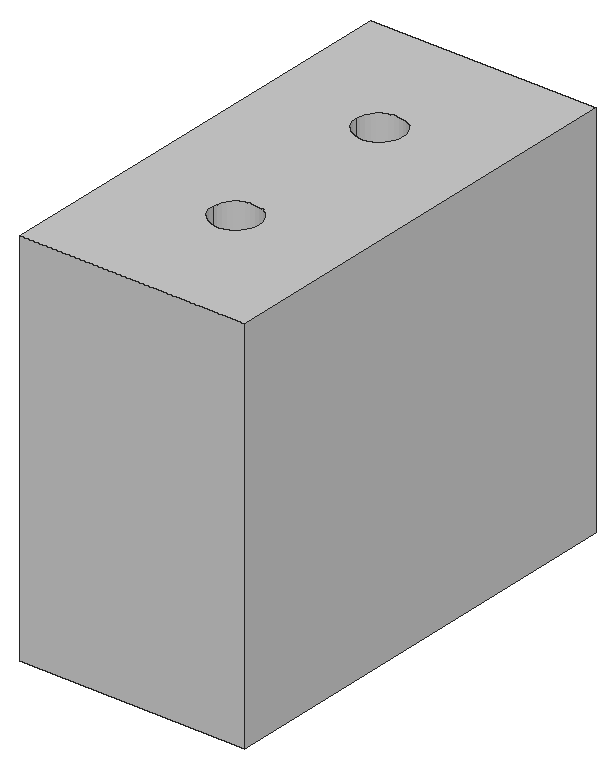
Revit family "Domotics-DomesticRanges-GEWISS-CHORUS_DATA-SOCKET-OUTLET_SELV", category Apparecchi elettrici, host Superficie, Revit 2016
Family settings
  Host = Superficie
  Mantenere orientamento annotazione = Sì
  Tipo di parte = Normale
  Quota connettore circolare = Usa diametro
  Taglio con vuoti quando caricato = Sì
  Condiviso = Sì
  Punto di calcolo locali = Sì
Parameters (values of type "GW14451 - SELV SOCKET, 2P 6A 24V 1M TITANIUM")
  Volt = 230 V
  Vista in pianta [instance] = yes
  Version file RFA = "19.0"
  URL = "https://www.gewiss.com/ww/en"
  Tipo_ = SYSTEM PRESE SELV_GENERICO : GW (SELV) titanio
  Technical sheet = "https://www.gewiss.com/ww/en/search?q=GW14451"
  Simbolo [instance] = yes
  Realized by GEWISS S.p.A. = ""
  Default Elevation = 1219.2 mm
  Produttore = "GEWISS S.p.A."
  Offset presa [instance] = 0 mm
  Offset bidimensionale [instance] = 39 mm
  N. poli = 1
  Modello = "GW14451"
  Immagine tipo = GW14451.jpg
  IFC.TypeObject = ""
  IFC.ExportType = ""
  IFC.ExportAs = ""
  IDT = "bdcf3c46-c2ea-42b8-8166-e16a90c5ee31"
  IDF = "be757793-dc2e-4f6a-adfb-14e6e41a9da5"
  Electrocod = "3720                "
  EAN code = "8011564267619"
  Distanza_x [instance] = 0 mm
  Distanza_effettiva_y [instance] = 100 mm
  Distanza_effettiva_x [instance] = 1000 mm - Distanza_x  # 1000 mm
  Distanza orizzontale del simbolo [instance] = 114.847 mm
  Distanza dal muro [instance] = 4.208 mm
  Descrizione = "SELV SOCKET, 2P 6A 24V 1M TITANIUM"
  Catalogue Range = "CHORUS - DOMESTIC RANGE"
  Catalogue = "DOMOTICS"
  Carico apparente = 0 VA
  COBie.Tagnumber = ""
  COBie.CreatedOn = ""
  COBie.CreatebBy = ""
  COBie.ComponentRegisterItemID = ""
  COBie.Component.TagNumber = ""
  COBie.Component.Space = ""
  COBie.Component.SerialNumber = ""
  COBie.Component.InstallationDate = ""
  COBie.Component.Description = ""
  COBie.Component.BarCode = ""
Types (3, lengths in mm): name | Tipo_ | Technical sheet | Modello | Immagine tipo | IDT | Electrocod | EAN code | Descrizione
  GW10451 - SELV SOCKET 2P 6A 24V 1M WHITE | SYSTEM PRESE SELV_GENERICO : GW (SELV) bianco | "https://www.gewiss.com/ww/en/search?q=GW10451" | "GW10451" | GW10451.jpg | "fc2af8a3-d637-4a8e-833d-f25c9a78a724" | "3720                " | "8011564262614" | "SELV SOCKET 2P 6A 24V 1M WHITE"
  GW12451 - SELV SOCKET 2P 6A 24V 1M BLACK | SYSTEM PRESE SELV_GENERICO : GW (SELV) nero | "https://www.gewiss.com/ww/en/search?q=GW12451" | "GW12451" | GW12451.jpg | "58aa0b22-3eed-41f0-b1bf-f24b80c10748" | "3721                " | "8011564269644" | "SELV SOCKET 2P 6A 24V 1M BLACK"
  GW14451 - SELV SOCKET, 2P 6A 24V 1M TITANIUM | SYSTEM PRESE SELV_GENERICO : GW (SELV) titanio | "https://www.gewiss.com/ww/en/search?q=GW14451" | "GW14451" | GW14451.jpg | "bdcf3c46-c2ea-42b8-8166-e16a90c5ee31" | "3720                " | "8011564267619" | "SELV SOCKET, 2P 6A 24V 1M TITANIUM"
Reference planes
  plane 1 "Centro (Fronte/Retro)": y = 0
  plane 2: z = 0
  plane 3 "Centro (Sinistra/Destra)": x = 0
  plane 4: x = -1000
  plane 5: x = 0
  plane 6: y = 100
  plane 7: z = 0
  plane 8 "Piano bidimensionale": z = 39
  plane 9: z = 39
Lines and regions (mm)
  Masking region 1, visible <- "Vista in pianta"
    outline origin (0, 0, 0) x (1, 0, 0) y (0, 1, 0)
      loop
        line (-11.5, 22.5) -> (-11.5, -22.5) -> (11.5, -22.5) -> (11.5, 22.5) -> (-11.5, 22.5)
      loop
        circle (0, -9.2) r 2.42
      loop
        circle (0, 9.2) r 2.42
  Masking region 2, visible <- "Vista in pianta"
    outline origin (0, 0, 0) x (1, 0, 0) y (0, 0, 1)
      loop
        line (11.5, 0) -> (11.5, 28) -> (-11.5, 28) -> (-11.5, 0) -> (11.5, 0)
  Masking region 3, visible <- "Vista in pianta"
    outline origin (0, 0, 0) x (0, 1, 0) y (0, 0, 1)
      loop
        line (22.5, 0) -> (22.5, 39) -> (-22.5, 39) -> (-22.5, 0) -> (22.5, 0)
  model lines, style "0", detail levels coarse
    curve 1: line (11.5, -22.5, 39) -> (11.5, 22.5, 39)
    curve 2: line (11.5, 22.5, 39) -> (-11.5, 22.5, 39)
    curve 3: line (-11.5, 22.5, 39) -> (-11.5, -22.5, 39)
    curve 4: line (-11.5, -22.5, 39) -> (11.5, -22.5, 39)
    curve 5: circle (0, 9.2, 39) r 2.42 normal (0, 0, 1)
    curve 6: circle (0, -9.2, 39) r 2.42 normal (0, 0, 1)
  model lines, style "0", not visible, detail levels coarse
    curve 7: line (73.442, 8.471, 39) -> (73.442, 53.471, 39)
    curve 8: line (73.442, 53.471, 39) -> (50.442, 53.471, 39)
    curve 9: line (50.442, 53.471, 39) -> (50.442, 8.471, 39)
    curve 10: line (50.442, 8.471, 39) -> (73.442, 8.471, 39)
    curve 11: circle (61.942, 40.171, 39) r 2.42 normal (0, 0, 1)
    curve 12: circle (61.942, 21.77, 39) r 2.42 normal (0, 0, 1)
Dimensions and locks
  plane 4 to plane 3 "Centro (Sinistra/Destra)" = 1000 mm
  "Distanza_effettiva_x": plane 4 to plane 5
  "Distanza_effettiva_y": plane 6 to plane 1 "Centro (Fronte/Retro)"
  "Offset presa": plane 7 to host face
  "Offset bidimensionale": plane 8 "Piano bidimensionale" to host face
  locked: plane 9 to plane 7 at 39
  aligned and locked: plane 2 to host face
  aligned and locked: level to host face
  aligned and locked: plane 3 "Centro (Sinistra/Destra)" to nested 1
  aligned and locked: plane 1 "Centro (Fronte/Retro)" to nested 1
  aligned and locked: nested 2 to plane 5
  aligned and locked: nested 2 to plane 6
  aligned and locked: nested 1 to plane 7
  aligned and locked: Masking region 2 sketch curve to nested 1  (x2)
  aligned and locked: Masking region 2 to plane 7
  aligned and locked: plane 7 to nested 1  (x2)
  aligned and locked: nested 1 to plane 9  (x2)
  aligned and locked: Masking region 3 sketch curve to nested 1  (x2)
  aligned and locked: Masking region 3 to plane 7
  aligned and locked: Masking region 3 to plane 9
  aligned and locked: plane 9 to nested 1
Automatic sketch dimensions
  host sketch curve to host sketch curve = 2438.4 mm  (x2)
  Masking region 1 sketch curve to plane 3 "Centro (Sinistra/Destra)" = 11.5 mm
  Masking region 1 sketch curve to plane 1 "Centro (Fronte/Retro)" = 22.5 mm
  plane 3 "Centro (Sinistra/Destra)" to Masking region 1 sketch curve = 11.5 mm
  plane 1 "Centro (Fronte/Retro)" to Masking region 1 sketch curve = 22.5 mm
  Masking region 1 sketch curve to plane 3 "Centro (Sinistra/Destra)" = 0 mm  (x2)
  plane 1 "Centro (Fronte/Retro)" to Masking region 1 sketch curve = 9.2 mm
  Masking region 1 sketch curve to Masking region 1 sketch curve = 2.42 mm  (x2)
  Masking region 1 sketch curve to Masking region 1 sketch curve = 0 mm  (x2)
  Masking region 1 sketch curve to plane 1 "Centro (Fronte/Retro)" = 9.2 mm
  Masking region 2 sketch curve to plane 7 = 0 mm
  Masking region 2 sketch curve to plane 8 "Piano bidimensionale" = 11 mm
  Masking region 3 sketch curve to plane 7 = 0 mm
  plane 9 to Masking region 3 sketch curve = 0 mm
Nested families
  nested 1: "SYSTEM PRESE SELV_GENERICO" at (0, 0, 0), type <- "Tipo_", type "GW (SELV) titanio", detail levels medium+fine
  nested 2: "SIMBOLO" at (0, 100, 0), visible <- "Simbolo", SIMBOLO <- "Simbolo", type "SUONERIA"
    with SIMBOLO yes, Distanza dal muro 4.208 mm, BORDO ACCESO yes
Connectors
  electrical at (0, 0, 0), driven by "N. poli", driven by "Volt", driven by "Carico apparente"
    settings: on nested 1, index 1, voltage 230 V, apparent load 0 VA, apparent load phase1 0 VA, apparent load phase2 0 VA, apparent load phase3 0 VA, power factor 1, load classification "Altro", number of poles 1, system type 31, power factor state 1, is connector primary yes, connector utility no, sub classification motor no, connector description ""
Definition of nested family "SYSTEM PRESE SELV_GENERICO"
  Parameters (values of type "GW (SELV) titanio")
    Profondità presa = 39 mm
    L = 23 mm
    H = 45 mm
    Finitura = none
    Altezza da Terra = 750 mm
  Types (3): name
    GW (SELV) bianco
    GW (SELV) nero
    GW (SELV) titanio
  Reference planes
    plane 1 "Centro (Fronte/Retro)": y = 0
    plane 2: z = 0
    plane 3 "Centro (Sinistra/Destra)": x = 0
    plane 4: x = -11.5
    plane 5: x = 11.5
    plane 6: z = 39
    plane 7: y = 22.5
    plane 8: y = -22.5
    plane 9: z = 29
  Forms (mm)
    Extrusion 1, solid, material <- "Finitura"
      sketch origin (0, 0, 0) x (1, 0, 0) y (0, 1, 0)
        loop
          line (-11.5, 22.5) -> (-11.5, -22.5) -> (11.5, -22.5) -> (11.5, 22.5) -> (-11.5, 22.5)
      from 0 to 39
    Extrusion 2, void
      sketch origin (0, 0, 0) x (1, 0, 0) y (0, 1, 0)
        loop
          circle (0, 9.2) r 2.42
        loop
          circle (0, -9.2) r 2.42
      from 29 to 39
  Cuts and joins
    Extrusion 2 cuts Extrusion 1
  Dimensions and locks
    "Profondità presa": plane 6 to level
    equal spacing: plane 4, plane 3 "Centro (Sinistra/Destra)", plane 5
    "L": plane 4 to plane 5
    equal spacing: plane 7, plane 1 "Centro (Fronte/Retro)", plane 8
    "H": plane 7 to plane 8
    plane 6 to plane 9 = 10 mm
    aligned and locked: level to plane 2
    aligned and locked: Extrusion 1 sketch curve to plane 4
    aligned and locked: Extrusion 1 sketch curve to plane 7
    aligned and locked: Extrusion 1 sketch curve to plane 5
    aligned and locked: Extrusion 1 sketch curve to plane 8
    aligned and locked: Extrusion 1 to level
    aligned and locked: plane 6 to Extrusion 1
    aligned and locked: Extrusion 2 to plane 9
    aligned and locked: plane 6 to Extrusion 2
Definition of nested family "SIMBOLO"
  Parameters (values of type "SUONERIA")
    Simbolo = SIMBOLO SEGNAL ACUSTICA_BASE : SUONERIA
    SIMBOLO [instance] = yes
    Distanza dal muro [instance] = 4.208 mm
    BORDO ACCESO [instance] = yes
  Types (2, lengths in mm): name | Simbolo
    SUONERIA | SIMBOLO SEGNAL ACUSTICA_BASE : SUONERIA
    RONZATORE | SIMBOLO SEGNAL ACUSTICA_BASE : RONZATORE
  Reference planes
    plane 1: y = 0
    plane 2: x = 0
  Dimensions and locks
    aligned and locked: plane 2 to nested 1
    aligned and locked: plane 1 to nested 1
  Nested families
    nested 1: "SIMBOLO SEGNAL ACUSTICA_BASE" at (0, 0, 0), BORDO ACCESO <- "BORDO ACCESO", type <- "Simbolo", visible <- "SIMBOLO", type "SUONERIA"
      with BORDO ACCESO yes
  Definition of nested family "SIMBOLO SEGNAL ACUSTICA_BASE"
    Parameters (values of type "SUONERIA E")
      SUONERIA E = yes
      SUONERIA = no
      RONZATORE = no
      Distanza dal muro = 4.208 mm
      BORDO ACCESO [instance] = yes
    Types (4, lengths in mm): name | SUONERIA E | SUONERIA | RONZATORE
      COMM | yes | yes | yes
      SUONERIA | no | yes | no
      SUONERIA E | yes | no | no
      RONZATORE | no | no | yes
    Reference planes
      plane 1: y = 0
      plane 2: x = 0
    Lines and regions (mm)
      detail lines, visible <- "BORDO ACCESO", not visible
        curve 1: line (-1.743, 9.208, 0) -> (2.057, 9.208, 0)
        curve 2: line (2.057, 9.208, 0) -> (2.057, 4.208, 0)
        curve 3: line (2.057, 4.208, 0) -> (-1.743, 4.208, 0)
        curve 4: line (-1.743, 4.208, 0) -> (-1.743, 9.208, 0)
        curve 5: line (-1.543, 9.008, 0) -> (1.857, 9.008, 0)
        curve 6: line (1.857, 9.008, 0) -> (1.857, 4.408, 0)
        curve 7: line (1.857, 4.408, 0) -> (-1.543, 4.408, 0)
        curve 8: line (-1.543, 4.408, 0) -> (-1.543, 9.008, 0)
      detail lines, visible <- "SUONERIA E", not visible
        curve 9: line (-0.396, -1.509, 0) -> (-0.094, -0.868, 0)
      detail lines, not visible
        curve 10: circle (-0.493, -1.534, 0) r 0.1 normal (0, 0, 1)
